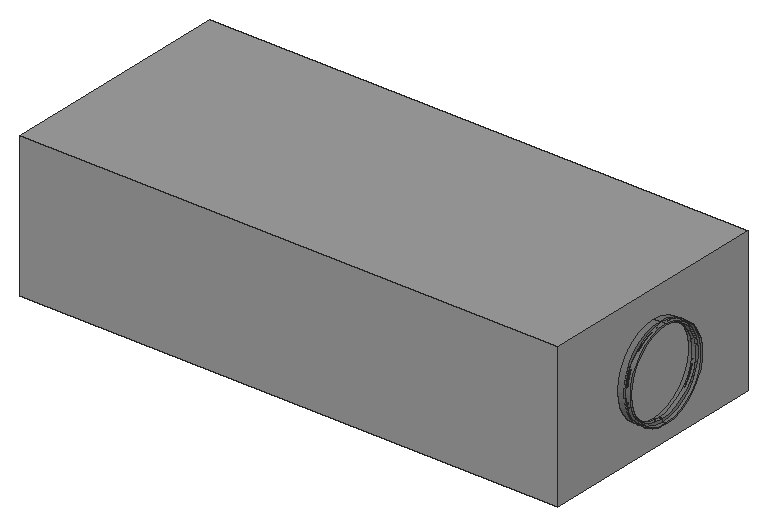
Revit family "BIMLIB_ПриточнаяУстановка_Eco-Slim350-700_SHUFT", category Оборудование, Revit 2017
Family settings
  Размер круглого соединителя = Использовать диаметр
  Тип детали = Нормальный
  На основе рабочей плоскости = Нет
  Всегда вертикально = Да
  При загрузке вырезать с полостями = Нет
  Общий = Нет
  Точка расчета площади = Нет
Parameters (values of type "Eco-Slim 700 9,0 кВт")
  Повернуть УГО [instance] = yes
  Описание = "Приточная установка ECO-SLIM выпускается в двух модификациях: или с водным нагреваем (модель 1100) или с электрическим нагревателем. В обеих модификациях воздушный клапан размещен снаружи корпуса, что улучшает его ремонтопригодность и позволяет выносить клапан с приводом к месту забора наружного воздуха. Установка обладает компактными габаритами и низким уровнем шума, что значительно упрощает выбор его размещения в квартире"  # constant formula
  Изготовитель = "ООО «Завод ВКО» марка SHUFT"  # constant formula
  Высота коннекторов = ADSK_Размер_Высота / 2  # 159.5 mm
  Watermark [instance] = "Модели защищены уникальным кодом"
  URL = "http://www.shuft.ru/"
  SH_Мощность вентилятора = 210 W
  L2 = 1200 mm
  D = 200 mm
  BL_Разработано = "support@bimlib.pro"  # constant formula
  BL_Email = "bimmodels@rusklimat.ru"  # constant formula
  BL_BIM library = "https://bimlib.pro/manufacturer/company/23829"
  ADSK_Частота вращения вентилятора = 2450
  ADSK_Ток = 13.9 A
  ADSK_Тип воздушного фильтра = "G4"  # constant formula
  ADSK_Расход воздуха приточный [instance] = 0.0 L/s
  ADSK_Размер_Ширина = 530 mm
  ADSK_Размер_Длина = 1260 mm
  ADSK_Размер_Высота = 319 mm
  ADSK_Примечание [instance] = ""
  ADSK_Полная мощность = ADSK_Номинальная мощность / ADSK_Коэффициент мощности  # 9000 VA
  ADSK_Позиция = ""
  ADSK_Обозначение = ""
  ADSK_Номинальная мощность = 9000 W
  ADSK_Напряжение = 400 V
  ADSK_Наименование = "Приточная вентиляционная установка Eco-Slim 700 9,0 кВт"
  ADSK_Материал = BIMLIB_Сталь_SHUFT
  ADSK_Масса_Текст = "42"
  ADSK_Масса = 42
  ADSK_Марка = ADSK_Код изделия  # "Eco-Slim 700 9,0 кВт"
  ADSK_Коэффициент мощности = 1
  ADSK_Количество фаз = 3
  ADSK_Код изделия = "Eco-Slim 700 9,0 кВт"
  ADSK_Классификация нагрузок = Прочее
  ADSK_Завод-изготовитель = Изготовитель  # "ООО «Завод ВКО» марка SHUFT"
  ADSK_Единица измерения = "шт."  # constant formula
  ADSK_Версия семейства = "v.1"  # constant formula
  ADSK_Версия Revit = "2017"  # constant formula
  ADSK_URL страницы изделия = "http://www.shuft.ru/catalog/2/205/3033/100850/"
  ADSK_URL документации изделия = "http://www.shuft.ru/upload/downloads/passport-ECO-Slim.pdf"
Types (7, lengths in mm): name | Высота коннекторов | SH_Мощность вентилятора | L2 | D | ADSK_Частота вращения вентилятора | ADSK_Ток | ADSK_Размер_Длина | ADSK_Размер_Высота | ADSK_Полная мощность | ADSK_Номинальная мощность | ADSK_Напряжение | ADSK_Наименование | ADSK_Масса_Текст | ADSK_Масса | ADSK_Марка | ADSK_Количество фаз | ADSK_Код изделия
  (no name) | 159.5 | 210 W | 1200 | 200 | 2450 | 13.9 A | 1260 | 319 | 9000 VA | 9000 W | 400 V | "Приточная вентиляционная установка Eco-Slim 700 9,0 кВт" | "42" | 42 | "Eco-Slim 700 9,0 кВт" | 3 | "Eco-Slim 700 9,0 кВт"
  Eco-Slim 350 1,2 кВт | 126 | 100 W | 1000 | 160 | 2500 | 5.9 A | 1060 | 252 | 1200 VA | 1200 W | 230 V | "Приточная вентиляционная установка Eco-Slim 350 1,2 кВт" | "33" | 33 | "Eco-Slim 350 1,2 кВт" | 1 | "Eco-Slim 350 1,2 кВт"
  Eco-Slim 350 2,4 кВт | 126 | 100 W | 1000 | 160 | 2500 | 11.4 A | 1060 | 252 | 24000 VA | 24000 W | 230 V | "Приточная вентиляционная установка Eco-Slim 350 2,4 кВт" | "33" | 33 | "Eco-Slim 350 2,4 кВт" | 1 | "Eco-Slim 350 2,4 кВт"
  Eco-Slim 350 5,0 кВт | 126 | 100 W | 1000 | 160 | 2500 | 13 A | 1060 | 252 | 5000 VA | 5000 W | 400 V | "Приточная вентиляционная установка Eco-Slim 350 5,0 кВт" | "33" | 33 | "Eco-Slim 350 5,0 кВт" | 2 | "Eco-Slim 350 5,0 кВт"
  Eco-Slim 700 2,4 кВт | 151 | 210 W | 1200 | 200 | 2450 | 11.2 A | 1260 | 302 | 24000 VA | 24000 W | 230 V | "Приточная вентиляционная установка Eco-Slim 700 2,4 кВт" | "42" | 42 | "Eco-Slim 700 2,4 кВт" | 1 | "Eco-Slim 700 2,4 кВт"
  Eco-Slim 700 5,0 кВт | 151 | 210 W | 1200 | 200 | 2450 | 12.8 A | 1260 | 302 | 5000 VA | 5000 W | 400 V | "Приточная вентиляционная установка Eco-Slim 700 5,0 кВт" | "42" | 42 | "Eco-Slim 700 5,0 кВт" | 2 | "Eco-Slim 700 5,0 кВт"
  Eco-Slim 700 9,0 кВт | 159.5 | 210 W | 1200 | 200 | 2450 | 13.9 A | 1260 | 319 | 9000 VA | 9000 W | 400 V | "Приточная вентиляционная установка Eco-Slim 700 9,0 кВт" | "42" | 42 | "Eco-Slim 700 9,0 кВт" | 3 | "Eco-Slim 700 9,0 кВт"
Reference planes
  plane 1 "По центру (Вперед/Назад)": y = 0
  plane 2: z = 0
  plane 3 "По центру (Влево/Вправо)": x = 0
  plane 4: x = 630
  plane 5: x = -630
  plane 6 "Перед": y = -265
  plane 7 "Зад": y = 265
  plane 8: z = 319
  plane 9 "Лево корпус": x = -600
  plane 10 "Право корпус": x = 600
  plane 11: z = 159.5
  plane 12: z = 294
  plane 13: z = 259.5
  plane 14: z = 59.5
Forms (mm)
  Extrusion 1, solid, material "BIMLIB_Сталь_SHUFT" <- "ADSK_Материал", detail levels medium+fine
    sketch origin (0, 0, 0) x (1, 0, 0) y (0, 1, 0)
      loop
        line (-600, 265) -> (-600, -265) -> (600, -265) -> (600, 265) -> (-600, 265)
    from 0 to 319 <- "ADSK_Размер_Высота"
  Revolve 2, solid, material "BIMLIB_Сталь_Патрубки_SHUFT", detail levels medium+fine
    sketch origin (0, 0, 0) x (1, 0, 0) y (0, 0, 1)
      loop
        line (-630, 257.5) -> (-622, 257.5) -> (-622, 252.5) -> (-613, 252.5) -> (-613, 257.5) -> (-600, 257.5) -> (-600, 259.5) -> (-615, 259.5) -> (-615, 254.5) -> (-620, 254.5) -> (-620, 259.5) -> (-630, 259.5) -> (-630, 257.5)
      loop
        line (630, 257.5) -> (630, 259.5) -> (620, 259.5) -> (620, 254.5) -> (615, 254.5) -> (615, 259.5) -> (600, 259.5) -> (600, 257.5) -> (613, 257.5) -> (613, 252.5) -> (622, 252.5) -> (622, 257.5) -> (630, 257.5)
      axis (-630, 159.5) -> (630, 159.5)
    angle from 0 to 360
Lines and regions (mm)
  model lines, detail levels fine
    curve 1: line (-600, 265, 294) -> (600, 265, 294)
    curve 2: line (-600, -265, 294) -> (600, -265, 294)
    curve 3: line (-600, -265, 294) -> (-600, 265, 294)
    curve 4: line (600, -265, 294) -> (600, 265, 294)
Dimensions and locks
  equal spacing: plane 6 "Перед", plane 1 "По центру (Вперед/Назад)", plane 7 "Зад"
  equal spacing: plane 5, plane 3 "По центру (Влево/Вправо)", plane 4
  "ADSK_Размер_Длина": plane 5 to plane 4
  "ADSK_Размер_Высота": plane 8 to level
  "ADSK_Размер_Ширина": plane 6 "Перед" to plane 7 "Зад"
  "Высота коннекторов": plane 11 to level
  locked: plane 8 to plane 12 at 25
  equal spacing: plane 9 "Лево корпус", plane 3 "По центру (Влево/Вправо)", plane 10 "Право корпус"
  "L2": plane 9 "Лево корпус" to plane 10 "Право корпус"
  equal spacing: plane 13, plane 11, plane 14
  "D": plane 13 to plane 14
  aligned and locked: level to plane 2
  aligned and locked: Extrusion 1 sketch curve to plane 9 "Лево корпус"
  aligned and locked: Extrusion 1 sketch curve to plane 7 "Зад"
  aligned and locked: plane 10 "Право корпус" to Extrusion 1 sketch curve
  aligned and locked: Extrusion 1 sketch curve to plane 6 "Перед"
  aligned and locked: Revolve 2 sketch curve to plane 11
  aligned and locked: plane 1 "По центру (Вперед/Назад)" to nested 1
  aligned and locked: plane 3 "По центру (Влево/Вправо)" to nested 1
  aligned and locked: plane 13 to Revolve 2 sketch curve
  aligned and locked: Revolve 2 sketch curve to plane 13
Automatic sketch dimensions
  Revolve 2 sketch curve to plane 5 = 0 mm
  Revolve 2 sketch curve to plane 9 "Лево корпус" = 0 mm
  plane 10 "Право корпус" to Revolve 2 sketch curve = 0 mm
  Revolve 2 sketch curve to plane 4 = 0 mm
  Revolve 2 sketch curve to Revolve 2 sketch curve = 8 mm
  Revolve 2 sketch curve to Revolve 2 sketch curve = 2 mm  (x10)
  Revolve 2 sketch curve to Revolve 2 sketch curve = 5 mm  (x5)
  Revolve 2 sketch curve to Revolve 2 sketch curve = 17 mm
  Revolve 2 sketch curve to Revolve 2 sketch curve = 3 mm
  Revolve 2 sketch curve to plane 5 = 734.579 mm
  plane 4 to Revolve 2 sketch curve = 864.276 mm
  curve 1 to plane 9 "Лево корпус" = 0 mm
  plane 10 "Право корпус" to curve 1 = 0 mm
  curve 1 to plane 12 = 0 mm
  plane 10 "Право корпус" to curve 2 = 0 mm
  curve 2 to plane 9 "Лево корпус" = 0 mm
  curve 2 to plane 12 = 0 mm
  curve 3 to plane 6 "Перед" = 0 mm
  curve 3 to plane 7 "Зад" = 0 mm
  curve 3 to plane 12 = 0 mm
  curve 4 to plane 6 "Перед" = 0 mm
  curve 4 to plane 7 "Зад" = 0 mm
  curve 4 to plane 12 = 0 mm
Nested families
  nested 1: "BIMLIB_УГО_SHUFT" at (0, 0, 0), Высота УГО 3д План <- "Высота коннекторов", Высота <- "ADSK_Размер_Высота", Длина <- "ADSK_Размер_Длина", Ширина <- "ADSK_Размер_Ширина", УГО сверху <- "Повернуть УГО", type "BIMLIB_УГО_SHUFT", detail levels coarse
    with Ширина/4 132.5 mm, Ширина 530 mm, УГО спереди no, УГО сверху yes, Длина 1260 mm, Высота/4 79.75 mm, Высота УГО 3д План 159.5 mm, Высота 319 mm
Connectors
  hvac at (-630, 0, 159.5), driven by "D", driven by "ADSK_Расход воздуха приточный"
    settings: on Revolve 2, index 1, duct flow 0.0 L/s, flow factor 0, pres drop 0.0 Pa, loss coef 0, conn angle 0.00°, conn width 304.8 mm, conn height 304.8 mm, conn diameter 200 mm, duct sys type 1, conn prof type 0, flow config 0, flow direction 1, loss method 0, conn ref index 2, conn util no, is conn primary yes, conn desc "Наружный воздух"
  hvac at (630, 0, 159.5), driven by "D", driven by "ADSK_Расход воздуха приточный"
    settings: on Revolve 2, index 2, duct flow 0.0 L/s, flow factor 0, pres drop 0.0 Pa, loss coef 0, conn angle 0.00°, conn width 304.8 mm, conn height 304.8 mm, conn diameter 200 mm, duct sys type 1, conn prof type 0, flow config 0, flow direction 2, loss method 0, conn ref index 1, conn util no, is conn primary no, conn desc "Приточный воздух"
  electrical at (0, 0, 319), driven by "ADSK_Количество фаз", driven by "ADSK_Классификация нагрузок", driven by "ADSK_Напряжение", driven by "ADSK_Полная мощность", driven by "ADSK_Коэффициент мощности"
    settings: on Extrusion 1, index 3, voltage 400 V, apparent load 9000 VA, apparent load phase1 0 VA, apparent load phase2 0 VA, apparent load phase3 0 VA, power factor 1, load classification "Прочее", number of poles 3, system type 30, power factor state 1, is connector primary yes, connector utility no, sub classification motor no, connector description "Электрический соединитель"
Definition of nested family "BIMLIB_УГО_SHUFT"
  Parameters (values of type "BIMLIB_УГО_SHUFT")
    Ширина/4 [instance] = Ширина / 4  # 105 mm
    Ширина [instance] = 420 mm
    УГО спереди [instance] = not(УГО сверху)  # no
    УГО сверху [instance] = yes
    Высота/4 [instance] = Высота / 4  # 63 mm
    Длина [instance] = 810 mm
    Высота УГО 3д План [instance] = 126 mm
    Высота [instance] = 252 mm
  Reference planes
    plane 1 "По центру (Вперед/Назад)": y = 0
    plane 2: z = 0
    plane 3 "По центру (Влево/Вправо)": x = 0
    plane 4: x = -405
    plane 5: x = 405
    plane 6: y = 210
    plane 7: y = -210
    plane 8: z = 126
    plane 9 "УГО 3Д": z = 252
    plane 10: x = -270
    plane 11: x = -135
    plane 12: z = 189
    plane 13: z = 63
    plane 14: x = 63
    plane 15: x = 105
    plane 16: y = 105
    plane 17: y = -105
    plane 18 "УГО": z = 126
  Lines and regions (mm)
    model lines, visible <- "УГО спереди", detail levels coarse
      curve 1: line (-405, 0, 252) -> (-405, 0, 0)
      curve 2: line (-405, 0, 0) -> (405, 0, 0)
      curve 3: line (405, 0, 0) -> (405, 0, 252)
      curve 4: line (405, 0, 252) -> (-405, 0, 252)
      curve 5: line (-270, 0, 252) -> (-270, 0, 0)
      curve 6: line (-135, 0, 252) -> (-135, 0, 0)
      curve 7: line (0, 0, 189) -> (0, 0, 63)
      curve 8: line (0, 0, 63) -> (63, 0, 126)
      curve 9: line (63, 0, 126) -> (0, 0, 189)
    model lines, visible <- "УГО сверху", detail levels coarse
      curve 10: line (-405, 210, 126) -> (-405, -210, 126)
      curve 11: line (-405, -210, 126) -> (405, -210, 126)
      curve 12: line (405, -210, 126) -> (405, 210, 126)
      curve 13: line (405, 210, 126) -> (-405, 210, 126)
      curve 14: line (-270, 210, 126) -> (-270, -210, 126)
      curve 15: line (-135, 210, 126) -> (-135, -210, 126)
      curve 16: line (0, 105, 126) -> (105, 0, 126)
      curve 17: line (105, 0, 126) -> (0, -105, 126)
      curve 18: line (0, -105, 126) -> (0, 105, 126)
    symbolic lines, detail levels coarse
      curve 19: line (-405, 0, 252) -> (-405, 0, 0)
      curve 20: line (-405, 0, 0) -> (405, 0, 0)
      curve 21: line (405, 0, 0) -> (405, 0, 252)
      curve 22: line (405, 0, 252) -> (-405, 0, 252)
      curve 23: line (-270, 0, 252) -> (-270, 0, 0)
      curve 24: line (-135, 0, 0) -> (-135, 0, 252)
      curve 25: line (0, 0, 189) -> (63, 0, 126)
      curve 26: line (63, 0, 126) -> (0, 0, 63)
      curve 27: line (0, 0, 63) -> (0, 0, 189)
      curve 28: line (-405, 210, 0) -> (-405, -210, 0)
      curve 29: line (-405, -210, 0) -> (405, -210, 0)
      curve 30: line (405, -210, 0) -> (405, 210, 0)
      curve 31: line (405, 210, 0) -> (-405, 210, 0)
      curve 32: line (-270, 210, 0) -> (-270, -210, 0)
      curve 33: line (-135, -210, 0) -> (-135, 210, 0)
      curve 34: line (0, 105, 0) -> (105, 0, 0)
      curve 35: line (105, 0, 0) -> (0, -105, 0)
      curve 36: line (0, -105, 0) -> (0, 105, 0)
  Dimensions and locks
    equal spacing: plane 4, plane 3 "По центру (Влево/Вправо)", plane 5
    "Длина": plane 4 to plane 5
    "Ширина": plane 7 to plane 6
    equal spacing: plane 4, plane 10, plane 11, plane 3 "По центру (Влево/Вправо)"
    "Высота": plane 9 "УГО 3Д" to level
    equal spacing: plane 9 "УГО 3Д", plane 12, plane 8, plane 13, level
    "Высота/4": plane 14 to plane 3 "По центру (Влево/Вправо)"
    equal spacing: plane 6, plane 16, plane 1 "По центру (Вперед/Назад)", plane 17, plane 7
    "Ширина/4": plane 15 to plane 3 "По центру (Влево/Вправо)"
    "Ширина/4": plane 3 "По центру (Влево/Вправо)" to plane 15
    "Высота УГО 3д План": plane 18 "УГО" to level
    aligned and locked: level to plane 2
  Automatic sketch dimensions
    curve 12 to plane 5 = 0 mm
    plane 1 "По центру (Вперед/Назад)" to curve 16 = 0 mm
    curve 16 to plane 15 = 0 mm
    curve 18 to plane 3 "По центру (Влево/Вправо)" = 0 mm
    curve 15 to plane 11 = 0 mm
    curve 14 to plane 10 = 0 mm
    curve 11 to plane 4 = 0 mm
    curve 13 to plane 6 = 0 mm
    curve 18 to plane 16 = 0 mm
    plane 7 to curve 12 = 0 mm
    curve 1 to plane 4 = 0 mm
    curve 5 to plane 9 "УГО 3Д" = 0 mm
    curve 5 to plane 10 = 0 mm
    curve 23 to level = 0 mm
    curve 23 to plane 10 = 0 mm
    curve 6 to plane 11 = 0 mm
    curve 24 to plane 11 = 0 mm
    curve 9 to plane 3 "По центру (Влево/Вправо)" = 0 mm
    curve 8 to plane 8 = 0 mm
    curve 8 to plane 14 = 0 mm
    curve 20 to plane 5 = 0 mm
    curve 27 to plane 12 = 0 mm
    curve 28 to plane 4 = 0 mm
    curve 32 to plane 6 = 0 mm
    curve 32 to plane 10 = 0 mm
    plane 7 to curve 33 = 0 mm
    curve 33 to plane 11 = 0 mm
    curve 34 to plane 3 "По центру (Влево/Вправо)" = 0 mm
    plane 1 "По центру (Вперед/Назад)" to curve 34 = 0 mm
    curve 30 to plane 5 = 0 mm
    curve 36 to plane 17 = 0 mm
    curve 36 to plane 16 = 0 mm
